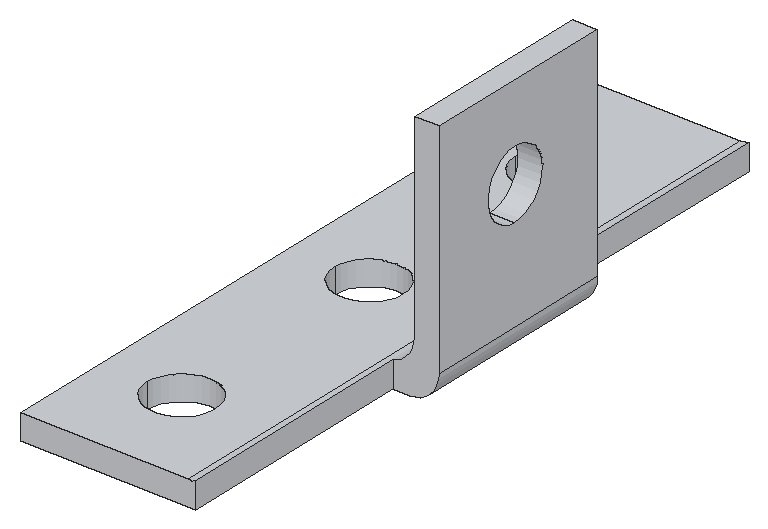
Revit family "MP15", category Planting, Revit 2017
Family settings
  Work Plane-Based = Yes
  Always vertical = No
  Cut with Voids When Loaded = No
  Render Appearance Source = Family Geometry
  Shared = No
Parameters (values of type "NBS Standard Parameters")
  Weight = "0.32Kg"
  WarrantyStartDate [instance] = "1900-12-31T23:59:59"
  WarrantyGuarantorParts = "n/a"
  WarrantyGuarantorLabor = "n/a"
  WarrantyDurationUnit = "1 year"
  WarrantyDurationParts = "n/a"
  WarrantyDurationLabor = "n/a"
  WarrantyDescription = "n/a"
  Version = "1"
  Uniclass2 = "Pr_65_70_11_19"
  TagNumber [instance] = "n/a"
  SustainabilityPerformance = "n/a"
  Size = "90 Degree"
  Shape = "Tee"
  SerialNumber [instance] = "n/a"
  Revision = "n/a"
  ReplacementCost = "n/a"
  ProductInformation = "www.metpro.co.uk/pdf/mp15.pdf"
  NominalWidth = 46 mm
  NominalLength = 138 mm
  NominalHeight = 45 mm
  Name = ""
  NBSTypeID = ""
  NBSReference = "90-55-10/305"
  NBSOfficeMasterTag = ""
  NBSNote = ""
  NBSDescription = "Channel Cable Supports"
  NBSCertification = ""
  ModelReference = "MP15"
  ModelNumber = "n/a"
  Material = "Steel"
  ManufacturerURL = "www.metpro.co.uk"
  ManufacturerName = "Metpro Ltd"
  Keynote = "Compliant to LU Standard 1-085"
  InstallationDate [instance] = "1900-12-31T23:59:59"
  IfcExportType = ""
  IfcExportAs = ""
  Height = 0 mm
  Grade = "n/a"
  Finish = "Hot Dipped Galvanised"
  Features = "n/a"
  ExpectedLife = "n/a"
  DurationUnit = "year"
  Description = "MP15  90 degree Tee Bracket"
  Default Elevation = 1219.2 mm
  Constituents = "n/a"
  Color = "n/a"
  CodePerformance = "n/a"
  Category = "n/a"
  BarCode [instance] = "n/a"
  BIMObjectName = "metpro_metprolibrary_channelcablesupports_channelbracket"
  Author = ""
  AssetType = ""
  AssetIdentifier [instance] = "n/a"
  AccessibilityPerformance = "n/a"
Reference planes
  plane 1 "Center (Front/Back)": y = 0
  plane 2: z = 0
  plane 3 "Center (Left/Right)": x = 0
Forms (mm)
  Extrusion 1, solid
    sketch origin (112.608, 207.983, -5.5) x (1, 0, 0) y (0, 0, -1)
      loop
        line (3.148, 0) -> (3.148, -5) -> (37.148, -5)
        arc (37.148, -5) -> (41.391, -6.757) -> (43.148, -11) r 6
        line (43.148, -11) -> (43.148, -51) -> (48.148, -51) -> (48.148, -6)
        arc (48.148, -6) -> (46.391, -1.757) -> (42.148, 0) r 6
        line (42.148, 0) -> (3.148, 0)
    from -50 to 90
  Extrusion 2, void
    sketch origin (155.757, 207.983, -3.001) x (0, 0, -1) y (0, 1, 0)
      loop
        circle (-29.59, 19.117) r 7
    from 0 to 5
  Extrusion 3, void
    sketch origin (112.608, 207.983, -5.5) x (-1, 0, 0) y (0, -1, 0)
      loop
        line (-38.778, -90) -> (-38.778, -40) -> (-48.148, -40) -> (-48.148, -90) -> (-38.778, -90)
      loop
        line (-48.148, 0) -> (-38.778, 0) -> (-38.778, 50) -> (-48.148, 50) -> (-48.148, 0)
    from 0 to 51
  Extrusion 4, void
    sketch origin (112.608, 207.983, -5.5) x (-1, 0, 0) y (0, -1, 0)
      loop
        circle (-19.507, 29.529) r 7
      loop
        circle (-19.507, -18.014) r 7
      loop
        circle (-19.507, -63.714) r 7
    from 0 to 5
Cuts and joins
  Extrusion 2, Extrusion 3, Extrusion 4 cuts Extrusion 1
Dimensions and locks
  aligned and locked: level to plane 2
  aligned and locked: Extrusion 4 to Extrusion 1
  aligned and locked: Extrusion 1 to Extrusion 3
  aligned and locked: Extrusion 3 to Extrusion 1
  aligned and locked: Extrusion 1 to Extrusion 2
